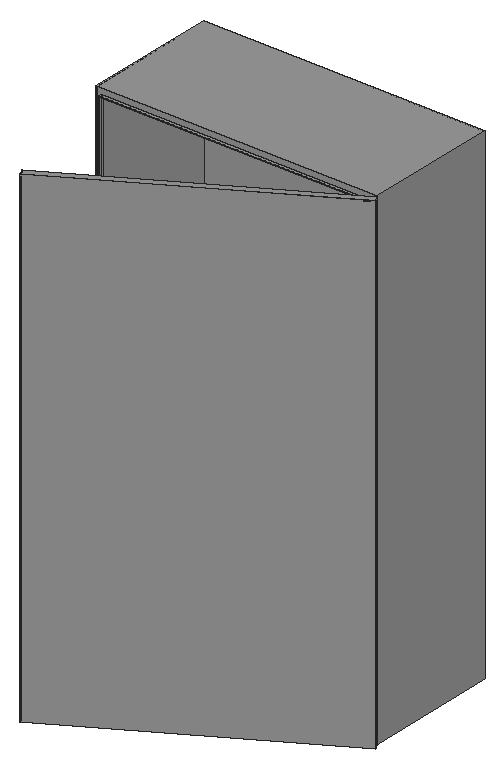
Revit family "Hager-Univers-IP55-D400-H1400-Cl.I-Steel_encl-NoHosted-PT-pt", category Electrical Equipment, Revit 2020
Family settings
  Panel Configuration = Two Columns, Circuits Across
  Round Connector Dimension = Use Diameter
  Part Type = Panelboard
  Work Plane-Based = Yes
  Always vertical = Yes
  Cut with Voids When Loaded = No
  Shared = No
  Room Calculation Point = No
Parameters (values of type "Montagem em superfície (gesso) IP55 L800 A1400 P400  - FR93G")
  Width Control [instance] = if([EF000008 - Largura] > Min Width, [EF000008 - Largura], Min Width)  # 800 mm
  Type Comments = [HG000003 - Gama]  # "Univers"
  Thickness Door [instance] = if([EF009171 - Espessura do material da porta/tampa] > 3 mm, 3 mm, [EF009171 - Espessura do material da porta/tampa])  # 1.5 mm
  Seal Frame Offset [instance] = 17 mm  # constant formula
  Plinth Visibility [instance] = [HG000027 - Altura da Plinta] > 0 mm  # no
  Min Width [instance] = 100 mm  # constant formula
  Min Depth [instance] = (2 * [EF009170 - Espessura do material do invólucro]) + 1 mm  # 4 mm
  Min Height [instance] = 100 mm  # constant formula
  Internal Frame Depth [instance] = (Door System Depth * 0.5)  # 9 mm
  Panel Name [instance] = ""  # (empty or 0)
  Model = ""
  HG000027 - Altura da Plinta = 0 mm
  HG000026 - Instalação no chão = no
  HG000024 - Altura da secção inferior = 600 mm
  HG000023 - Recinto de secção dupla = no
  HG000016 - Visibilidade da porta 3D [instance] = yes
  HG000015 - Visibilidade através da porta [instance] = no
  HG000014 - Porta à direita [instance] = yes
  HG000013 - Porta à esquerda [instance] = not([HG000014 - Porta à direita])  # no
  HG000012 - Ângulo de abertura de porta [instance] = 30.00°
  HG000010 - Portas assimétricas = no
  HG000009 - Porta dupla = no
  HG000006 - Encastrado = no
  HG000004 - Referência do Fabricante = "FR93G"
  HG000003 - Gama = "Univers"
  HG000002 - Com porta ou tampa = yes
  Frame Offset Bottom [instance] = 10 mm  # constant formula
  Frame Offset [instance] = 15 mm  # constant formula
  EF015940 - Tampa com libertação de sobrepressão = no
  EF011959 - Grau de proteção (NEMA) = ""
  EF009554 - Número de aberturas para placas de flange = 6
  EF009212 - Tipo de tampa = "EV000116 - Fechado"
  EF009171 - Espessura do material da porta/tampa = 1.5 mm
  EF009170 - Espessura do material do invólucro = 1.5 mm
  EF008873 - Corrente nominal (In) = 800 A
  EF007800 - Adequado para proteção contra raios = no
  EF006306 - Com fecho = no
  EF006244 - Tampa/porta transparente = no
  EF005474 - Grau de proteção (IP) = "EV006420 - IP55"
  EF004464 - Tipo de porta = "EV002646 - Único"
  EF004427 - Número de módulos = 324
  EF004293 - Força de impacto = "EV008784 - IK10"
  EF003532 - Adequado para uso no exterior = no
  EF002950 - Largura em número de módulos = 24
  EF001613 - Integridade do circuito = "EV000494 - Nenhum"
  EF001596 - Material do corpo = "EV000179 - Aço"
  EF001131 - Profundidade interior = 400 mm
  EF001088 - Extensão possível = yes
  EF000437 - Número de entradas de condutores = 6
  EF000339 - Tipo de difusor = "EV004216 - Porta"
  EF000266 - Número de linhas = 9
  EF000218 - Profundidade incorporada = 0 mm
  EF000118 - Com tampa de montagem = no
  EF000116 - Número RAL = "7035"
  EF000049 - Profundidade = 400 mm
  EF000040 - Altura = 1400 mm
  EF000008 - Largura = 800 mm
  EF000007 - Cor = "EV000270 - Cinzento"
  EF000003 - Método de montagem = "EV000384 - Montagem em superfície (gesso)"
  Door System Leaf Tolerance [instance] = 1.5 mm  # constant formula
  Door System Depth [instance] = 18 mm  # constant formula
  Door Height [instance] = Height Control - [HG000027 - Altura da Plinta]  # 1400 mm
  Description = ""
  Default Elevation = 1219.2 mm
  Connector Offset [instance] = Height Control / 2  # 700 mm
  Manufacturer = "Hager"  # constant formula
  Height Control [instance] = if([EF000040 - Altura] > Min Height, [EF000040 - Altura], Min Height)  # 1400 mm
  Depth Control [instance] = if([EF000049 - Profundidade] > Min Depth, [EF000049 - Profundidade], Min Depth)  # 400 mm
  Bottom Top Plate Trim [instance] = 1.5 mm  # constant formula
  Plinth height Ctrl [instance] = if([HG000027 - Altura da Plinta] > 0 mm, [HG000027 - Altura da Plinta], 12 mm)  # 12 mm
Types (3, lengths in mm): name | Width Control | HG000009 - Porta dupla | HG000004 - Referência do Fabricante | EF009554 - Número de aberturas para placas de flange | EF004464 - Tipo de porta | EF004427 - Número de módulos | EF000437 - Número de entradas de condutores | EF000008 - Largura
  Montagem em superfície (gesso) IP55 L1050 A1400 P400  - FR94G | 1050 | yes | "FR94G" | 8 | "EV003602 - Duplo" | 432 | 8 | 1050
  Montagem em superfície (gesso) IP55 L550 A1400 P400  - FR92G | 550 | no | "FR92G" | 4 | "EV002646 - Único" | 216 | 4 | 550
  Montagem em superfície (gesso) IP55 L800 A1400 P400  - FR93G | 800 | no | "FR93G" | 6 | "EV002646 - Único" | 324 | 6 | 800
Reference planes
  plane 1 "Center (Front/Back)": y = 0
  plane 2: z = 0
  plane 3 "Center (Left/Right)": x = 0
  plane 4: y = 0
  plane 5: y = 0
  plane 6: z = 0
  plane 7: x = -400
  plane 8: x = 400
  plane 9: x = 398.5
  plane 10: x = -398.5
  plane 11: z = 0
  plane 12: z = 1.5
  plane 13: y = -400
  plane 14: y = -1.5
  plane 15: x = 0
  plane 16: y = -382
  plane 17: y = -398.5
  plane 18: y = -380.5
  plane 19: x = -383.5
  plane 20: x = 383.5
  plane 21: z = 11.5
  plane 22: x = -383
  plane 23: x = 383
  plane 24: z = 0
  plane 25: z = 1400
  plane 26: z = 1400
  plane 27: z = 1383.5
  plane 28: z = 1398.5
Forms (mm)
  Extrusion 1, solid, material "Hager_Steel_RAL7035_Light_Grey", detail levels medium+fine
    sketch origin (-208.679, -4572, 0) x (-1, 0, 0) y (0, -1, 0)
      loop
        line (191.321, -4190) -> (-608.679, -4190) -> (-608.679, -4572) -> (191.321, -4572) -> (191.321, -4190)
    from 0 to 1400
  Extrusion 2, void
    sketch origin (-350.771, -400, 1219.2) x (1, 0, 0) y (0, 0, 1)
      loop
        line (-47.729, 179.3) -> (-47.729, -1217.7) -> (749.271, -1217.7) -> (749.271, 179.3) -> (-47.729, 179.3)
    from -19.5 to -398.5
  Extrusion 3, void
    sketch origin (-290.084, -382, 1219.2) x (1, 0, 0) y (0, 0, 1)
      loop
        line (-93.416, -1207.7) -> (673.584, -1207.7) -> (673.584, 164.3) -> (-93.416, 164.3) -> (-93.416, -1207.7)
    from 0 to -1.5
  Extrusion 4, solid, material "Hager_Steel_RAL7035_Light_Grey", visible <- "Plinth Visibility", detail levels medium+fine
    sketch origin (0, 0, 0) x (1, 0, 0) y (0, 1, 0)
      loop
        line (-400, 0) -> (-400, -382) -> (400, -382) -> (400, 0) -> (-400, 0)
    from 0 to 12 <- "Plinth height Ctrl"
  Extrusion 5, solid, material "Hager_Steel_RAL7035_Light_Grey", detail levels coarse
    sketch origin (0, 0, 0) x (1, 0, 0) y (0, 1, 0)
      loop
        line (-400, 0) -> (-400, -400) -> (400, -400) -> (400, 0) -> (-400, 0)
    from 0 to 1400 <- "Height Control"
  Sweep 6, void
    path in 3D
      loop
        line (-400, -382, 12) -> (400, -382, 12) -> (400, 0, 12) -> (-400, 0, 12) -> (-400, -382, 12)
    profile origin (-400, -191, 12) x (1, 0, 0) y (0, 0, 1)
      loop
        line (0, 0) -> (0, -1.5) -> (1.5, -1.5)
        arc (1.5, -1.5) -> (1.061, -0.439) -> (0, 0) r 1.5
  Extrusion 7, solid, material "Hager_Steel_RAL7035_Light_Grey", detail levels fine
    sketch origin (-400, -382, 0) x (1, 0, 0) y (0, 0, 1)
      loop
        line (16.5, 11.5) -> (783.5, 11.5) -> (783.5, 1383.5) -> (16.5, 1383.5) -> (16.5, 11.5)
      loop
        line (15, 10) -> (785, 10) -> (785, 1385) -> (15, 1385) -> (15, 10)
    from 0 to 9 <- "Internal Frame Depth"
Cuts and joins
  Extrusion 2, Extrusion 3 cuts Extrusion 1
  Sweep 6 cuts Extrusion 4
Lines and regions (mm)
  Masking region 1
    outline origin (0, 0, 0) x (1, 0, 0) y (0, 1, 0)
      loop
        line (-400, 0) -> (-400, -400) -> (400, -400) -> (400, 0) -> (-400, 0)
  Masking region 2, detail levels coarse
    outline origin (-290.084, -382, 1219.2) x (-1, 0, 0) y (0, 0, 1)
      loop
        line (-690.084, -1219.2) -> (109.916, -1219.2) -> (109.916, 180.8) -> (-690.084, 180.8) -> (-690.084, -1219.2)
  Masking region 3, detail levels coarse
    outline origin (0, 0, 0) x (0, 1, 0) y (0, 0, 1)
      loop
        line (0, 0) -> (0, 1400) -> (-400, 1400) -> (-400, 0) -> (0, 0)
  Masking region 4, visible <- "Plinth Visibility", detail levels medium+fine
    outline origin (0, 0, 0) x (0, 1, 0) y (0, 0, 1)
      loop
        line (-1.5, 12) -> (-380.5, 12)
        arc (-380.5, 12) -> (-380.939, 10.939) -> (-382, 10.5) r 1.5
        line (-382, 10.5) -> (-382, 0) -> (0, 0) -> (0, 10.5)
        arc (0, 10.5) -> (-1.061, 10.939) -> (-1.5, 12) r 1.5
  Masking region 5, detail levels medium+fine
    outline origin (0, 0, 594.038) x (0, 1, 0) y (0, 0, 1)
      loop
        line (0, -594.038) -> (0, 805.962) -> (-382, 805.962) -> (-382, -594.038) -> (0, -594.038)
  Masking region 6, detail levels medium+fine
    outline origin (-359.7, -382, 1211.883) x (-1, 0, 0) y (0, 0, 1)
      loop
        line (-759.7, -1211.883) -> (40.3, -1211.883) -> (40.3, 188.117) -> (-759.7, 188.117) -> (-759.7, -1211.883)
  Masking region 7, visible <- "Plinth Visibility", detail levels medium+fine
    outline origin (-320.334, -382, 1041.368) x (-1, 0, 0) y (0, 0, 1)
      loop
        line (-720.334, -1041.368) -> (79.666, -1041.368) -> (79.666, -1030.868)
        arc (79.666, -1030.868) -> (78.606, -1030.429) -> (78.166, -1029.368) r 1.5
        line (78.166, -1029.368) -> (-718.834, -1029.368)
        arc (-718.834, -1029.368) -> (-719.273, -1030.429) -> (-720.334, -1030.868) r 1.5
        line (-720.334, -1030.868) -> (-720.334, -1041.368)
  sketch lines
    curve 1: line (-400, 0, 12) -> (-400, -382, 12)
    curve 2: line (-400, -382, 12) -> (400, -382, 12)
    curve 3: line (400, 0, 12) -> (-400, 0, 12)
    curve 4: line (400, -382, 12) -> (400, 0, 12)
Dimensions and locks
  locked: plane 1 "Center (Front/Back)" to plane 5
  "EF009170 - Espessura do material do invólucro": plane 7 to plane 10
  "EF009170 - Espessura do material do invólucro": plane 8 to plane 9
  equal spacing: plane 7, plane 3 "Center (Left/Right)", plane 8
  "Width Control": plane 7 to plane 8
  "Depth Control": plane 4 to plane 13
  "EF009170 - Espessura do material do invólucro": plane 4 to plane 14
  "Height Control": plane 25 to level
  "HG000027 - Altura da Plinta": plane 11 to level
  "EF009170 - Espessura do material do invólucro": plane 12 to plane 11
  "EF009170 - Espessura do material do invólucro": plane 17 to plane 13
  "EF009170 - Espessura do material do invólucro": plane 18 to plane 16
  "Frame Offset Bottom": plane 21 to plane 12
  "Frame Offset": plane 10 to plane 19
  "Frame Offset": plane 9 to plane 20
  "Door System Depth": plane 16 to plane 13
  "Seal Frame Offset": plane 7 to plane 22
  "Seal Frame Offset": plane 8 to plane 23
  "EF009170 - Espessura do material do invólucro": plane 26 to plane 28
  "Frame Offset": plane 28 to plane 27
  "Connector Offset": plane 2 to connector elem
  "Bottom Top Plate Trim": profile plane to Sweep 6 sketch curve
  "Bottom Top Plate Trim": Sweep 6 sketch curve to Sweep 6 sketch curve
  "Plinth height Ctrl": Masking region 4 sketch curve to level
  "Plinth height Ctrl": Masking region 7 sketch curve to level
  "Thickness Door": Extrusion 7 sketch curve to Extrusion 7 sketch curve  (x4)
  "Bottom Top Plate Trim": radius of Sweep 6 sketch curve
  "Bottom Top Plate Trim": radius of Masking region 4 sketch curve  (x2)
  "Bottom Top Plate Trim": radius of Masking region 7 sketch curve  (x2)
  aligned and locked: Extrusion 2 sketch curve to plane 12
  aligned and locked: Extrusion 2 sketch curve to plane 9
  aligned and locked: Extrusion 2 sketch curve to plane 10
  aligned and locked: Extrusion 2 to plane 14
  aligned and locked: Extrusion 1 sketch curve to plane 4
  aligned and locked: plane 8 to Extrusion 1 sketch curve
  aligned and locked: plane 7 to Extrusion 1 sketch curve
  aligned and locked: Extrusion 2 to plane 18
  aligned and locked: Extrusion 3 sketch curve to plane 19
  aligned and locked: plane 20 to Extrusion 3 sketch curve
  aligned and locked: Extrusion 3 to Extrusion 2
  aligned and locked: Extrusion 3 sketch curve to plane 21
  aligned and locked: plane 3 "Center (Left/Right)" to nested 1
  aligned and locked: Extrusion 1 sketch curve to plane 16
  aligned and locked: Extrusion 4 sketch curve to cut or joined group of Extrusion 1, Extrusion 2, Extrusion 3
  aligned and locked: Masking region 1 sketch curve to plane 7
  aligned and locked: Masking region 1 sketch curve to plane 5
  aligned and locked: Masking region 1 sketch curve to plane 8
  aligned and locked: Masking region 2 sketch curve to level
  aligned and locked: level to Masking region 3 sketch curve
  aligned and locked: plane 1 "Center (Front/Back)" to Masking region 3 sketch curve
  aligned and locked: plane 13 to Masking region 3 sketch curve
  aligned and locked: plane 5 to Masking region 4 sketch curve
  aligned and locked: Masking region 2 sketch curve to plane 8
  aligned and locked: Masking region 2 sketch curve to plane 7
  aligned and locked: plane 7 to nested 2
  aligned and locked: nested 2 to plane 5
  aligned and locked: plane 5 to Masking region 5 sketch curve
  aligned and locked: plane 26 to Masking region 5 sketch curve
  aligned and locked: Extrusion 5 sketch curve to plane 8
  aligned and locked: Extrusion 5 sketch curve to plane 7
  aligned and locked: Extrusion 5 sketch curve to plane 5
  aligned and locked: Extrusion 3 sketch curve to plane 27
  aligned and locked: Extrusion 2 sketch curve to plane 28
  aligned and locked: Masking region 2 to plane 25
  aligned and locked: Extrusion 4 to plane 16
  aligned and locked: profile plane to Sweep 6 sketch curve
  aligned and locked: Masking region 5 sketch curve to plane 24
  aligned and locked: level to Masking region 4 sketch curve
  aligned and locked: Masking region 1 to plane 13
  aligned and locked: nested 1 to plane 16
  aligned and locked: Masking region 3 to plane 25
  aligned and locked: plane 16 to Masking region 4 sketch curve
  aligned and locked: Masking region 5 sketch curve to plane 16
  aligned and locked: plane 24 to plane 11
  aligned and locked: plane 26 to plane 25
  aligned and locked: plane 26 to cut or joined group of Extrusion 1, Extrusion 2, Extrusion 3
  aligned and locked: nested 1 to plane 24
  aligned and locked: Extrusion 1 to Extrusion 3
  aligned and locked: Masking region 6 sketch curve to plane 8
  aligned and locked: Masking region 6 sketch curve to plane 24
  aligned and locked: Masking region 6 sketch curve to plane 7
  aligned and locked: Masking region 6 sketch curve to plane 26
  aligned and locked: Masking region 7 sketch curve to plane 7
  aligned and locked: level to Masking region 7 sketch curve
  aligned and locked: Masking region 7 sketch curve to plane 8
  aligned and locked: Extrusion 7 sketch curve to cut or joined group of Extrusion 1, Extrusion 2, Extrusion 3  (x4)
Automatic sketch dimensions
  plane 19 to Extrusion 3 sketch curve = 0 mm
  Extrusion 3 sketch curve to plane 20 = 0 mm
  Extrusion 3 sketch curve to plane 21 = 0 mm
  Extrusion 4 sketch curve to plane 7 = 0 mm
  Extrusion 4 sketch curve to plane 8 = 0 mm
  Extrusion 4 sketch curve to plane 16 = 0 mm
  Masking region 1 sketch curve to plane 13 = 0 mm
  Masking region 2 sketch curve to plane 25 = 0 mm
  Masking region 3 sketch curve to plane 25 = 0 mm
  Extrusion 5 sketch curve to plane 13 = 0 mm
  profile plane to Sweep 6 sketch curve = 0 mm
Nested families
  nested 1: "EC000058_Univers_Door" at (0, -382, 0), Double <- "HG000009 - Porta dupla", Transparent <- "EF006244 - Tampa/porta transparente", Angle <- "HG000012 - Ângulo de abertura de porta", Door_Right <- "HG000014 - Porta à direita", Assymetrical <- "HG000010 - Portas assimétricas", Door <- "HG000002 - Com porta ou tampa", Width_Ctrl <- "Width Control", 3d_Door <- "HG000016 - Visibilidade da porta 3D", Clearance <- "HG000015 - Visibilidade através da porta", Door_Left <- "HG000013 - Porta à esquerda", Width <- "Width Control", Door_Depth <- "Door System Depth", Leaf_Tolerance <- "Door System Leaf Tolerance", Height <- "Door Height", Lock_Visibility <- "EF006306 - Com fecho", Thickness <- "Thickness Door", type "EC000058_Univers_Door", detail levels medium+fine
    with min_wh 4 mm, Width_Ctrl 800 mm, Width 800 mm, Transparent no, Thickness 1.5 mm, Seal_Material Hager_Rubber, Lock_Visibility no, Lock_Material Hager_Plastic_RAL9005_Jet_Black, Leaf_Width 800 mm, Leaf_Tolerance_External_Sides 0 mm, Leaf_Tolerance 1.5 mm, Leaf_Offset 0 mm, Leaf_Height 1397 mm, Leaf_2_Width 800 mm, Leaf_2_Offset 400 mm, Leaf_1_Width 800 mm, Leaf_1_Offset 400 mm, Height_Ctrl 1400 mm, Height 1400 mm, Glass_Material Hager_Glass, Double_Clearance_Ctrl no, Double no, Door_Right_Ctrl yes, Door_Right yes, Door_Material Hager_Steel_RAL7035_Light_Grey, Door_Left_Ctrl no, Door_Left no, Door_Depth 18 mm, Door yes, Clearance_Material Hager_Clearance, Clearance_Depth 800 mm, Clearance_Ctrl no, Clearance no, Assymetrical no, Angle 30.00°, 3d_Door yes
  nested 2: "Hager_Enclosure_Symbol" at (-400, 0, 0), Height <- "Depth Control", Width <- "Width Control", type "Hager_Enclosure_Symbol"
    with Width_Ctrl 800 mm, Width 800 mm, Height_Ctrl 400 mm, Height 400 mm, A_Width_Int 26.25 mm, A_Width 315 mm, A_Height_Ctrl 350 mm, A_Height 350 mm
Connectors
  electrical at (0, 0, 700)
    settings: on plane 1 "Center (Front/Back)", index 1, voltage 0 V, apparent load 0 VA, apparent load phase1 0 VA, apparent load phase2 0 VA, apparent load phase3 0 VA, power factor 1, load classification "Other", number of poles 1, system type 30, power factor state 1, is connector primary yes, connector utility no, sub classification motor no, connector description ""
Definition of nested family "EC000058_Univers_Door"
  Parameters (values of type "EC000058_Univers_Door")
    min_wh [instance] = (2 * Thickness) + 1 mm  # 11 mm
    Width_Ctrl [instance] = 400 mm
    Width [instance] = 500 mm
    Transparent [instance] = yes
    Thickness [instance] = 5 mm
    Seal_Material [instance] = none
    Lock_Visibility [instance] = yes
    Lock_Material [instance] = none
    Leaf_Width [instance] = if((Width_Ctrl - 2 * Leaf_Tolerance_External_Sides) > 0 mm, (Width_Ctrl - 2 * Leaf_Tolerance_External_Sides), min_wh)  # 400 mm
    Leaf_Tolerance_External_Sides [instance] = 0 mm  # constant formula
    Leaf_Tolerance [instance] = 1.5 mm
    Leaf_Offset [instance] = 0 mm  # constant formula
    Leaf_Height [instance] = if((Height_Ctrl - 2 * Leaf_Tolerance) > 0 mm, (Height_Ctrl - 2 * Leaf_Tolerance), min_wh)  # 497 mm
    Leaf_2_Width [instance] = if(and(and(Double, Assymetrical), Door_Left), (Leaf_Width / 3) - (Leaf_Tolerance / 2), if(and(and(Double, Assymetrical), Door_Right), (Leaf_Width / 3) * 2 - (Leaf_Tolerance / 2), if(and(Double, not(Assymetrical)), (Leaf_Width / 2) - Leaf_Tolerance, Leaf_Width)))  # 400 mm
    Leaf_2_Offset [instance] = if(and(Double, Assymetrical), Leaf_2_Width / 2, if(and(Double, not(Assymetrical)), Leaf_Width / 4, Leaf_Width / 2))  # 200 mm
    Leaf_1_Width [instance] = if(and(and(Double, Assymetrical), Door_Right), (Leaf_Width / 3) - (Leaf_Tolerance / 2), if(and(and(Double, Assymetrical), Door_Left), (Width / 3) * 2 - (Leaf_Tolerance / 2), if(and(Double, not(Assymetrical)), (Leaf_Width / 2) - Leaf_Tolerance, Leaf_Width)))  # 400 mm
    Leaf_1_Offset [instance] = if(and(Double, Assymetrical), Leaf_1_Width / 2, if(and(Double, not(Assymetrical)), Leaf_Width / 4, Leaf_Width / 2))  # 200 mm
    Height_Ctrl [instance] = if(Height > min_wh, Height, min_wh)  # 500 mm
    Height [instance] = 500 mm
    Glass_Material [instance] = none
    Double_Clearance_Ctrl [instance] = and(Double, Clearance)  # no
    Double [instance] = no
    Door_Right_Ctrl [instance] = and(or(Door_Right, Double), Door)  # yes
    Door_Right [instance] = yes
    Door_Material [instance] = none
    Door_Left_Ctrl [instance] = and(or(Door_Left, Double), Door)  # no
    Door_Left [instance] = no
    Door_Depth [instance] = 30 mm
    Door [instance] = yes
    Default Elevation = 1219.2 mm
    Clearance_Material [instance] = none
    Clearance_Depth [instance] = if(Leaf_1_Width > Leaf_2_Width, Leaf_1_Width, Leaf_2_Width)  # 400 mm
    Clearance_Ctrl [instance] = and(not(Double), Clearance)  # yes
    Clearance [instance] = yes
    Assymetrical [instance] = yes
    Angle [instance] = 30.00°
    3d_Door [instance] = yes
  Reference planes
    plane 1 "Center (Front/Back)": y = 0
    plane 2 "Bottom": z = 0
    plane 3 "Center (Left/Right)": x = 0
    plane 4: z = 500
    plane 5: x = -200
    plane 6: x = 200
    plane 7: z = 500
    plane 8: x = -200
    plane 9: z = 0
    plane 10: x = 200
    plane 11: y = 0
    plane 12: z = 1.5
    plane 13: x = -600
    plane 14: y = -400
    plane 15: x = 600
    plane 16: x = 0
    plane 17: x = 0
    plane 18: x = -200
    plane 19: x = 200
    plane 20: z = 498.5
  Forms (mm)
    Extrusion 1, solid, material <- "Clearance_Material", visible <- "Double_Clearance_Ctrl"
      sketch origin (1200, 0, 0) x (1, 0, 0) y (0, 0, -1)
        loop
          line (-1800, -498.5) -> (-600, -498.5) -> (-600, 0) -> (-1800, 0) -> (-1800, -498.5)
      from 0 to -400
  Dimensions and locks
    equal spacing: plane 5, plane 3 "Center (Left/Right)", plane 6
    "Width_Ctrl": plane 5 to plane 6
    "Leaf_Offset": plane 5 to plane 8
    "Leaf_Offset": plane 6 to plane 10
    "Leaf_Offset": plane 9 to level
    "Leaf_Offset": plane 4 to plane 7
    "Height_Ctrl": plane 4 to level
    "Leaf_Tolerance": plane 12 to plane 9
    locked: plane 11 to plane 1 "Center (Front/Back)"
    "Leaf_1_Offset": plane 18 to plane 16
    "Leaf_2_Offset": plane 17 to plane 19
    "Leaf_1_Width": plane 13 to plane 8
    "Leaf_2_Width": plane 10 to plane 15
    "Clearance_Depth": plane 14 to plane 1 "Center (Front/Back)"
    "Leaf_Tolerance_External_Sides": plane 8 to plane 18
    "Leaf_Tolerance_External_Sides": plane 19 to plane 10
    "Leaf_Tolerance": plane 7 to plane 20
    aligned and locked: level to plane 2 "Bottom"
    aligned and locked: nested 1 to plane 16
    aligned and locked: nested 2 to plane 17
    aligned and locked: Extrusion 1 to plane 13
    aligned and locked: plane 15 to Extrusion 1
    aligned and locked: Extrusion 1 to plane 14
    aligned and locked: plane 12 to nested 1
    aligned and locked: nested 2 to plane 12
    aligned and locked: Extrusion 1 to plane 11
    aligned and locked: plane 20 to Extrusion 1
    aligned and locked: nested 2 to plane 11
    aligned and locked: nested 1 to plane 11
  Automatic sketch dimensions
    Extrusion 1 sketch curve to level = 0 mm
    plane 5 to Extrusion 1 sketch curve = 400 mm
    plane 6 to Extrusion 1 sketch curve = 400 mm
    Extrusion 1 sketch curve to plane 4 = 1.5 mm
  Nested families
    nested 1: "EC000058_Univers_Door_Leaf" at (0, 0, 1.5), Width <- "Leaf_1_Width", visible <- "Door_Left_Ctrl", Leaf_Height <- "Leaf_Height", Angle <- "Angle", 3d_Door <- "3d_Door", Transparent <- "Transparent", Clearance Material <- "Clearance_Material", Clearance <- "Clearance_Ctrl", Door_Material <- "Door_Material", Glass_Material <- "Glass_Material", Door_Depth <- "Door_Depth", Lock_Material <- "Lock_Material", Seal_Material <- "Seal_Material", Lock_Visibility <- "Lock_Visibility", Thickness <- "Thickness", type "EC000058_Univers_Door_Leaf"
      with Width 400 mm, Transparent_Glass_Offset 30 mm, Transparent_Ctrl yes, Transparent yes, Thickness 5 mm, Standard no, Seal_Material none, Seal_D2 8 mm, Seal_D1 1 mm, Offset_Internal_Frame 10 mm, Lock_Width 20 mm, Lock_Visibility_3d yes, Lock_Visibility yes, Lock_Thickness_3 3 mm, Lock_Thickness_2 1 mm, Lock_Thickness_1 3 mm, Lock_Radius_Offset_2 16 mm, Lock_Radius_Offset_1 15 mm, Lock_Radius_2 5 mm, Lock_Radius 6 mm, Lock_Offset 5 mm, Lock_Material none, Lock_Height 80 mm, Lock_Cover_Top_Offset_2d 17 mm, Lock_Cover_Height -65 mm, Leaf_Height 497 mm, Internal_Seal_Thickness 8 mm, Internal_Seal_Depth_2 4.5 mm, Internal_Frame_Depth 25 mm, Glass_Thickness -1 mm, Glass_Offset -2 mm, Glass_Material none, Door_Material none, Door_Depth 30 mm, Clearance Material none, Clearance yes, Angle_Ctrl 30.00°, Angle 30.00°, 3d_Door yes
    nested 2: "EC000058_Univers_Door_Leaf" at (0, 0, 1.5) x (-1, 0, 0) z (0, 0, 1), Width <- "Leaf_2_Width", visible <- "Door_Right_Ctrl", Leaf_Height <- "Leaf_Height", Angle <- "Angle", 3d_Door <- "3d_Door", Transparent <- "Transparent", Clearance Material <- "Clearance_Material", Clearance <- "Clearance_Ctrl", Door_Material <- "Door_Material", Glass_Material <- "Glass_Material", Door_Depth <- "Door_Depth", Lock_Material <- "Lock_Material", Seal_Material <- "Seal_Material", Lock_Visibility <- "Lock_Visibility", Thickness <- "Thickness", type "EC000058_Univers_Door_Leaf"
      with Width 400 mm, Transparent_Glass_Offset 30 mm, Transparent_Ctrl yes, Transparent yes, Thickness 5 mm, Standard no, Seal_Material none, Seal_D2 8 mm, Seal_D1 1 mm, Offset_Internal_Frame 10 mm, Lock_Width 20 mm, Lock_Visibility_3d yes, Lock_Visibility yes, Lock_Thickness_3 3 mm, Lock_Thickness_2 1 mm, Lock_Thickness_1 3 mm, Lock_Radius_Offset_2 16 mm, Lock_Radius_Offset_1 15 mm, Lock_Radius_2 5 mm, Lock_Radius 6 mm, Lock_Offset 5 mm, Lock_Material none, Lock_Height 80 mm, Lock_Cover_Top_Offset_2d 17 mm, Lock_Cover_Height -65 mm, Leaf_Height 497 mm, Internal_Seal_Thickness 8 mm, Internal_Seal_Depth_2 4.5 mm, Internal_Frame_Depth 25 mm, Glass_Thickness -1 mm, Glass_Offset -2 mm, Glass_Material none, Door_Material none, Door_Depth 30 mm, Clearance Material none, Clearance yes, Angle_Ctrl 30.00°, Angle 30.00°, 3d_Door yes
  Definition of nested family "EC000058_Univers_Door_Leaf"
    Parameters (values of type "EC000058_Univers_Door_Leaf")
      Width [instance] = 2000 mm
      Transparent_Glass_Offset [instance] = 30 mm
      Transparent_Ctrl [instance] = and(Transparent, [3d_Door])  # yes
      Transparent [instance] = yes
      Thickness [instance] = 5 mm
      Standard [instance] = and(not(Transparent), [3d_Door])  # no
      Seal_Material [instance] = none
      Seal_D2 [instance] = 8 mm  # constant formula
      Seal_D1 [instance] = 1 mm  # constant formula
      Offset_Internal_Frame [instance] = 10 mm  # constant formula
      Lock_Width [instance] = 20 mm  # constant formula
      Lock_Visibility_3d [instance] = and(Lock_Visibility, [3d_Door])  # yes
      Lock_Visibility [instance] = yes
      Lock_Thickness_3 [instance] = 3 mm  # constant formula
      Lock_Thickness_2 [instance] = 1 mm  # constant formula
      Lock_Thickness_1 [instance] = 3 mm  # constant formula
      Lock_Radius_Offset_2 [instance] = Lock_Radius_Offset_1 + 1 mm  # 16 mm
      Lock_Radius_Offset_1 [instance] = 15 mm  # constant formula
      Lock_Radius_2 [instance] = Lock_Radius - 1 mm  # 5 mm
      Lock_Radius [instance] = 6 mm  # constant formula
      Lock_Offset [instance] = 5 mm  # constant formula
      Lock_Material [instance] = none
      Lock_Height [instance] = 80 mm  # constant formula
      Lock_Cover_Top_Offset_2d [instance] = Lock_Radius_Offset_2 + 1 mm  # 17 mm
      Lock_Cover_Height [instance] = -(Lock_Height - Lock_Radius_Offset_1)  # -65 mm
      Leaf_Height [instance] = 2720.336 mm
      Internal_Seal_Thickness [instance] = 8 mm  # constant formula
      Internal_Seal_Depth_2 [instance] = 4.5 mm  # constant formula
      Internal_Frame_Depth [instance] = if(Door_Depth - Thickness > 5 mm, Door_Depth - Thickness, 5 mm)  # 25 mm
      Glass_Thickness [instance] = if(Thickness > 15 mm, Glass_Offset + 10 mm, -1 mm)  # -1 mm
      Glass_Offset [instance] = if(Thickness > 15 mm, -(Thickness + 10 mm) / 2, -2 mm)  # -2 mm
      Glass_Material [instance] = none
      Door_Material [instance] = none
      Door_Depth [instance] = 30 mm
      Default Elevation = 0 mm
      Clearance Material [instance] = none
      Clearance [instance] = yes
      Angle_Ctrl [instance] = if(Angle > 180.00°, 180.00°, Angle)  # 90.00°
      Angle [instance] = 90.00°
      3d_Door [instance] = yes
    Reference planes
      plane 1 "Center (Front/Back)": y = 0
      plane 2: z = 0
      plane 3 "Center (Left/Right)": x = 0
      plane 4: y = 2000
      plane 5: x = -1000
      plane 6: x = 1000
      plane 7: x = -3000
      plane 8: z = 2720.336
      plane 9: z = 30
      plane 10: z = 2690.336
      plane 11: x = 970
      plane 12: x = -970
      plane 13: y = -3
      plane 14: z = 107.833
      plane 15: y = -5
      plane 16: y = -223.314
      plane 17: x = -1000
      plane 18: z = 1360.168
      plane 19: y = 30
    Forms (mm)
      Extrusion 1, solid, material <- "Clearance Material", visible <- "Clearance"
        sketch origin (0, 0, 0) x (1, 0, 0) y (0, 0, 1)
          loop
            line (-3000, 2720.336) -> (-3000, 0) -> (1000, 0) -> (1000, 2720.336) -> (-3000, 2720.336)
        from 0 to -2000
      Extrusion 2, solid, material <- "Door_Material", visible <- "Standard", detail levels medium+fine
        sketch origin (-1000, 0, 0) x (0, 1, 0) y (-1, 0, 0)
          loop
            line (0, 30) -> (0, 25) -> (2000, 25) -> (2000, 30) -> (0, 30)
        from 0 to 2720.336 <- "Leaf_Height"
      Extrusion 3, solid, material <- "Door_Material", visible <- "Transparent_Ctrl", detail levels medium+fine
        sketch origin (-1000, 0, 0) x (0, 1, 0) y (-1, 0, 0)
          loop
            line (0, 25) -> (2000, 25) -> (2000, 30) -> (0, 30) -> (0, 25)
        from 0 to 2720.336 <- "Leaf_Height"
      Extrusion 4, void
        sketch origin (-1025, 2000, 0) x (0, 1, 0) y (0, 0, -1)
          loop
            line (-30, -2690.336) -> (-30, -30) -> (-1970, -30) -> (-1970, -2690.336) -> (-30, -2690.336)
        from 0 to 5 <- "Thickness"
      Sweep 5, solid, material <- "Seal_Material", visible <- "Transparent_Ctrl", detail levels fine
        path in 3D
          loop
            line (-1025, 30, 30) -> (-1025, 30, 2690.336) -> (-1025, 1970, 2690.336) -> (-1025, 1970, 30) -> (-1025, 30, 30)
        profile origin (-1025, 1000, 30) x (1, 0, 0) y (0, 0, 1)
          loop
            line (0, 0) -> (0, -8) -> (1, -8) -> (1, 0) -> (0, 0)
      Extrusion 6, solid, material <- "Glass_Material", visible <- "Transparent_Ctrl", detail levels medium+fine
        sketch origin (-1030, 0, 0) x (0, 1, 0) y (0, 0, -1)
          loop
            line (1970, -2690.336) -> (1970, -30) -> (30, -30) -> (30, -2690.336) -> (1970, -2690.336)
        from -2 <- "Glass_Offset" to -1 <- "Glass_Thickness"
      Extrusion 7, solid, material <- "Door_Material", visible <- "3d_Door", detail levels medium+fine
        sketch origin (-1025, 2000, 0) x (0, -1, 0) y (0, 0, -1)
          loop
            line (0, -2720.336) -> (2000, -2720.336) -> (2000, 0) -> (0, 0) -> (0, -2720.336)
          loop
            line (1995, -5) -> (5, -5) -> (5, -2715.336) -> (1995, -2715.336) -> (1995, -5)
        from 0 to 25 <- "Internal_Frame_Depth"
      Sweep 8, solid, material <- "Seal_Material", visible <- "Transparent_Ctrl", detail levels fine
        path in 3D
          loop
            line (-1025, 0, 0) -> (-1025, 2000, 0) -> (-1025, 2000, 2720.336) -> (-1025, 0, 2720.336) -> (-1025, 0, 0)
        profile origin (-1025, 0, 1360.168) x (1, 0, 0) y (0, 1, 0)
          loop
            line (0, 10) -> (2.975, 10)
            arc (2.975, 10) -> (4.053, 10.447) -> (4.5, 11.525) r 1.525
            line (4.5, 11.525) -> (4.5, 16.527)
            arc (4.5, 16.527) -> (4.069, 17.569) -> (3.027, 18) r 1.473
            line (3.027, 18) -> (0, 18) -> (0, 10)
      Extrusion 9, solid, material <- "Lock_Material", visible <- "Lock_Visibility_3d", detail levels fine
        sketch origin (-1030, 0, 0) x (0, 1, 0) y (0, 0, -1)
          loop
            arc (1993.5, -1400.168) -> (1994.561, -1399.729) -> (1995, -1398.668) r 1.5
            line (1995, -1398.668) -> (1995, -1320.168) -> (1975, -1320.168) -> (1975, -1398.668)
            arc (1975, -1398.668) -> (1975.439, -1399.729) -> (1976.5, -1400.168) r 1.5
            line (1976.5, -1400.168) -> (1993.5, -1400.168)
        from 3 <- "Lock_Thickness_1" to 0
      Blend 10, solid, material <- "Lock_Material", visible <- "Lock_Visibility_3d", detail levels fine
        base sketch origin (-1033, 0, 0) x (0, 1, 0) y (0, 0, -1)
          loop
            line (1975, -1320.168) -> (1975, -1398.668)
            arc (1975, -1398.668) -> (1975.439, -1399.729) -> (1976.5, -1400.168) r 1.5
            line (1976.5, -1400.168) -> (1993.5, -1400.168)
            arc (1993.5, -1400.168) -> (1994.561, -1399.729) -> (1995, -1398.668) r 1.5
            line (1995, -1398.668) -> (1995, -1320.168) -> (1975, -1320.168)
        top sketch origin (-1033, 0, 0) x (0, 1, 0) y (0, 0, -1)
          loop
            line (1976, -1320.168) -> (1976, -1398.668)
            arc (1976, -1398.668) -> (1976.146, -1399.022) -> (1976.5, -1399.168) r 0.5
            line (1976.5, -1399.168) -> (1993.5, -1399.168)
            arc (1993.5, -1399.168) -> (1993.854, -1399.022) -> (1994, -1398.668) r 0.5
            line (1994, -1398.668) -> (1994, -1320.168) -> (1976, -1320.168)
        from 0 to 1 <- "Lock_Thickness_2"
      Blend 11, solid, material <- "Lock_Material", visible <- "Lock_Visibility_3d", detail levels fine
        base sketch origin (-1034, 0, 0) x (0, 1, 0) y (0, 0, -1)
          loop
            line (1978, -1320.168) -> (1978, -1384.168)
            arc (1978, -1384.168) -> (1985, -1391.168) -> (1992, -1384.168) r 7
            line (1992, -1384.168) -> (1992, -1320.168) -> (1978, -1320.168)
        top sketch origin (-1034, 0, 0) x (0, 1, 0) y (0, 0, -1)
          loop
            line (1991, -1320.168) -> (1979, -1320.168) -> (1979, -1383.168)
            arc (1979, -1383.168) -> (1985, -1389.168) -> (1991, -1383.168) r 6
            line (1991, -1383.168) -> (1991, -1320.168)
        from 0 to 3 <- "Lock_Thickness_3"
      Extrusion 12, solid, material <- "Lock_Material", visible <- "Lock_Visibility_3d", detail levels fine
        sketch origin (-1030, 1975, 1320.168) x (1, 0, 0) y (0, -1, 0)
          loop
            line (-7, -19) -> (-7, -1) -> (0, -1) -> (0, 0) -> (-8, 0) -> (-8, -20) -> (0, -20) -> (0, -19) -> (-7, -19)
        from 0 to -65 <- "Lock_Cover_Height"
      Extrusion 13, void
        sketch origin (-1038, 1995, 1320.168) x (-1, 0, 0) y (0, 0, -1)
          loop
            line (-5, -65) -> (0, -65) -> (-5, -60) -> (-5, -65)
        from 0 to 20 <- "Lock_Width"
      Extrusion 14, void
        sketch origin (-1038, 1975, 1320.168) x (0, -1, 0) y (0, 0, -1)
          loop
            circle (-10, -15.995) r 6
          loop
            circle (-10, -15.995) r 5
        from 0 to 2
      Extrusion 15, solid, material <- "Lock_Material", visible <- "Lock_Visibility_3d", detail levels medium
        sketch origin (-1030, 0, 0) x (0, 1, 0) y (0, 0, -1)
          loop
            arc (1993.5, -1400.168) -> (1994.561, -1399.729) -> (1995, -1398.668) r 1.5
            line (1995, -1398.668) -> (1995, -1320.168) -> (1975, -1320.168) -> (1975, -1398.668)
            arc (1975, -1398.668) -> (1975.439, -1399.729) -> (1976.5, -1400.168) r 1.5
            line (1976.5, -1400.168) -> (1993.5, -1400.168)
        from 8 to 0
    Cuts and joins
      Extrusion 4 cuts Extrusion 3
      Extrusion 13, Extrusion 14 cuts Extrusion 9
      Extrusion 14 cuts Blend 11
      Extrusion 13, Extrusion 14 cuts Extrusion 12
      joined: Extrusion 9, Blend 10, Blend 11, Extrusion 12
      Extrusion 14 cuts Extrusion 15
    Lines and regions (mm)
      Masking region 1, visible <- "Lock_Visibility", detail levels fine
        outline origin (0, 0, 0) x (0, 1, 0) y (0, 0, 1)
          loop
            line (30, 1320.168) -> (33, 1320.168) -> (33, 1400.168) -> (30, 1400.168) -> (30, 1320.168)
      Masking region 2, visible <- "Lock_Visibility", detail levels fine
        outline origin (0, 3.143, 0) x (0, 1, 0) y (0, 0, 1)
          loop
            line (29.857, 1354.168) -> (30.857, 1354.168) -> (30.857, 1366.168) -> (29.857, 1366.168) -> (29.857, 1354.168)
      Masking region 3, detail levels medium+fine
        outline origin (0, 0, 0) x (0, 1, 0) y (0, 0, 1)
          loop
            line (0, 0) -> (30, 0) -> (30, 2720.336) -> (0, 2720.336) -> (0, 0)
      Masking region 4, detail levels medium+fine
        outline origin (0, 0, 0) x (1, 0, 0) y (0, 0, 1)
          loop
            line (-1000, 2720.336) -> (-1000, 0) -> (1000, 0) -> (1000, 2720.336) -> (-1000, 2720.336)
      Masking region 5, visible <- "Lock_Visibility", detail levels fine
        outline origin (-47.116, 0, 0) x (1, 0, 0) y (0, 0, 1)
          loop
            arc (1024.616, 1399.168) -> (1023.556, 1398.729) -> (1023.116, 1397.668) r 1.5
            line (1023.116, 1397.668) -> (1023.116, 1320.168) -> (1041.116, 1320.168) -> (1041.116, 1397.668)
            arc (1041.116, 1397.668) -> (1040.677, 1398.729) -> (1039.616, 1399.168) r 1.5
            line (1039.616, 1399.168) -> (1024.616, 1399.168)
      Masking region 6, visible <- "Lock_Visibility", detail levels medium+fine
        outline origin (-25, 0, 0) x (1, 0, 0) y (0, 0, 1)
          loop
            arc (1001.5, 1400.168) -> (1000.439, 1399.729) -> (1000, 1398.668) r 1.5
            line (1000, 1398.668) -> (1000, 1320.168) -> (1020, 1320.168) -> (1020, 1398.668)
            arc (1020, 1398.668) -> (1019.561, 1399.729) -> (1018.5, 1400.168) r 1.5
            line (1018.5, 1400.168) -> (1001.5, 1400.168)
      Masking region 7, visible <- "Lock_Visibility", detail levels fine
        outline origin (-73.735, 0, 0) x (1, 0, 0) y (0, 0, 1)
          loop
            line (1051.735, 1382.168) -> (1065.735, 1382.168) -> (1065.735, 1384.168)
            arc (1065.735, 1384.168) -> (1058.735, 1391.168) -> (1051.735, 1384.168) r 7
            line (1051.735, 1384.168) -> (1051.735, 1382.168)
      Masking region 8, visible <- "Lock_Visibility", detail levels fine
        outline origin (-73.735, 0, 0) x (1, 0, 0) y (0, 0, 1)
          loop
            line (1052.735, 1382.168) -> (1064.735, 1382.168) -> (1064.735, 1383.168)
            arc (1064.735, 1383.168) -> (1058.735, 1389.168) -> (1052.735, 1383.168) r 6
            line (1052.735, 1383.168) -> (1052.735, 1382.168)
      Masking region 9, visible <- "Lock_Visibility", detail levels fine
        outline origin (-25, 0, 0) x (1, 0, 0) y (0, 0, 1)
          loop
            line (1020, 1320.168) -> (1020, 1382.168) -> (1000, 1382.168) -> (1000, 1320.168) -> (1020, 1320.168)
      Masking region 10, detail levels medium+fine
        outline origin (0, 0, 0) x (1, 0, 0) y (0, 0, 1)
          loop
            circle (985, 1335.144) r 6
      Masking region 11, detail levels fine
        outline origin (0, 0, 0) x (1, 0, 0) y (0, 0, 1)
          loop
            circle (985, 1335.144) r 5
      Masking region 12, visible <- "Lock_Visibility", detail levels fine
        outline origin (0, 12.767, 0) x (0, 1, 0) y (0, 0, 1)
          loop
            line (20.233, 1320.168) -> (21.233, 1320.168) -> (21.233, 1399.168) -> (20.233, 1400.168) -> (20.233, 1320.168)
      Masking region 13, visible <- "Lock_Visibility", detail levels fine
        outline origin (0, 13.767, -10) x (0, 1, 0) y (0, 0, 1)
          loop
            line (20.233, 1330.168) -> (23.233, 1330.168) -> (23.233, 1399.168) -> (20.233, 1402.168) -> (20.233, 1330.168)
      Masking region 14, visible <- "Lock_Visibility", detail levels fine
        outline origin (0, 12.767, -10) x (0, 1, 0) y (0, 0, 1)
          loop
            line (20.233, 1330.168) -> (25.233, 1330.168) -> (25.233, 1399.305) -> (20.233, 1394.305) -> (20.233, 1330.168)
      Masking region 15, visible <- "Lock_Visibility", detail levels medium
        outline origin (0, 0, 0) x (0, 1, 0) y (0, 0, 1)
          loop
            line (30, 1320.168) -> (38, 1320.168) -> (38, 1400.168) -> (30, 1400.168) -> (30, 1320.168)
      Masking region 16, visible <- "Lock_Visibility", detail levels fine
        outline origin (-1000, 0, 0) x (0, 1, 0) y (-1, 0, 0)
          loop
            line (1975, 30) -> (1995, 30) -> (1995, 38) -> (1975, 38) -> (1975, 30)
          loop
            line (1979, 37) -> (1976, 37) -> (1976, 34) -> (1978, 34) -> (1979, 37)
          loop
            line (1994, 37) -> (1991, 37) -> (1992, 34) -> (1994, 34) -> (1994, 37)
      Masking region 17, visible <- "Lock_Visibility", detail levels medium
        outline origin (-1000, 0, 0) x (0, 1, 0) y (-1, 0, 0)
          loop
            line (1975, 30) -> (1995, 30) -> (1995, 38) -> (1975, 38) -> (1975, 30)
      symbolic lines
        curve 1: line (1000, 0, 0) -> (-3000, 0, 0)
        curve 2: arc (1000, 0, 0) -> (-1000, 2000, 0) -> (-3000, 0, 0) r 2000
        curve 4: line (-1030, 0, 0) -> (-1030, 2000, 0)
      reference lines
        curve 3: line (-1000, 0, 0) -> (-1000, 2000, 0)
      symbolic lines, detail levels medium+fine
        curve 5: line (-1030, 2000, 0) -> (-1025, 2000, 0)
        curve 7: line (-1025, 0, 0) -> (-1030, 0, 0)
        curve 8: line (-1025, 0, 0) -> (-1000, 0, 0)
        curve 9: line (-1000, 0, 0) -> (-1000, 2000, 0)
        curve 10: line (-1000, 2000, 0) -> (-1025, 2000, 0)
      symbolic lines, detail levels fine
        curve 6: line (-1025, 2000, 0) -> (-1025, 0, 0)
      sketch lines
        curve 11: line (-1025, 0, 2720.336) -> (-1025, 0, 0)
        curve 12: line (-1025, 2000, 0) -> (-1025, 0, 0)
        curve 13: line (-1025, 2000, 2720.336) -> (-1025, 2000, 0)
        curve 14: line (-1025, 0, 2720.336) -> (-1025, 2000, 2720.336)
        curve 15: line (-1025, 1970, 30) -> (-1025, 30, 30)
        curve 16: line (-1025, 30, 30) -> (-1025, 30, 2690.336)
        curve 17: line (-1025, 1970, 2690.336) -> (-1025, 1970, 30)
        curve 18: line (-1025, 30, 2690.336) -> (-1025, 1970, 2690.336)
      symbolic lines, visible <- "Transparent", detail levels medium+fine
        curve 19: line (-970, 0, 2690.336) -> (970, 0, 2690.336)
        curve 20: line (-970, 0, 30) -> (-970, 0, 2690.336)
        curve 21: line (970, 0, 30) -> (-970, 0, 30)
        curve 22: line (970, 0, 2690.336) -> (970, 0, 30)
    Dimensions and locks
      "Width": plane 1 "Center (Front/Back)" to plane 4
      equal spacing: plane 5, plane 3 "Center (Left/Right)", plane 6
      "Width": plane 5 to plane 6
      "Width": plane 7 to plane 5
      "Leaf_Height": plane 8 to level
      "Width": curve 5 to curve 3
      "Width": curve 3 to curve 3
      plane 8 to plane 10 = 30 mm
      plane 9 to level = 30 mm
      plane 12 to plane 5 = 30 mm
      plane 6 to plane 11 = 30 mm
      Extrusion 1 to Extrusion 4 sketch curve = 30 mm
      "Transparent_Glass_Offset": curve 3 to Extrusion 4 sketch curve
      "Transparent_Glass_Offset": Extrusion 4 sketch curve to cut or joined group of Extrusion 3, Extrusion 4  (x2)
      cut or joined group of Extrusion 3, Extrusion 4 to Extrusion 6 sketch curve = 30 mm
      "Transparent_Glass_Offset": cut or joined group of Extrusion 3, Extrusion 4 to Extrusion 4 sketch curve
      "Thickness": curve 6 to curve 4
      "Thickness": Extrusion 7 sketch curve to Extrusion 7 sketch curve  (x4)
      "Door_Depth": curve 4 to curve 3
      "Offset_Internal_Frame": profile plane to Sweep 8 sketch curve
      "Internal_Seal_Thickness": Sweep 8 sketch curve to Sweep 8 sketch curve
      "Internal_Seal_Depth_2": profile plane to Sweep 8 sketch curve
      "Seal_D1": profile plane to Sweep 5 sketch curve
      "Seal_D2": profile plane to Sweep 5 sketch curve
      "Thickness": Extrusion 2 sketch curve to Extrusion 2 sketch curve
      equal spacing: Extrusion 9 sketch curve, plane 18, Extrusion 9 sketch curve  (x2)
      equal spacing: Masking region 1 sketch curve, plane 18, Masking region 1 sketch curve
      "Lock_Height": Masking region 1 sketch curve to Masking region 1 sketch curve
      "Lock_Radius": Masking region 2 sketch curve to plane 18 to Masking region 2 sketch curve
      Masking region 2 sketch curve to Masking region 1 = 1 mm
      "Door_Depth": plane 19 to plane 1 "Center (Front/Back)"
      "Lock_Thickness_1": Masking region 1 sketch curve to plane 19
      "Lock_Width": Extrusion 9 sketch curve to Extrusion 9 sketch curve
      "Lock_Height": Extrusion 9 sketch curve to Extrusion 9 sketch curve
      "Lock_Offset": cut or joined group of Extrusion 3, Extrusion 4 to Extrusion 9 sketch curve
      equal spacing: plane 8, plane 18, level
      "Lock_Radius_Offset_1": Blend 11 sketch curve to Blend 10
      locked: Blend 10 to Blend 11 sketch curve at 2  (x2)
      locked: var sketch to Blend 11 sketch curve at 1  (x2)
      "Lock_Radius_Offset_2": Blend 11 sketch curve to Blend 10
      locked: Extrusion 12 sketch curve to Extrusion 12 sketch curve at 1  (x3)
      Masking region 6 sketch curve to Masking region 6 sketch curve = 80 mm
      "Lock_Height": Masking region 6 sketch curve to Masking region 6 sketch curve
      "Lock_Width": Masking region 6 sketch curve to Masking region 6 sketch curve
      locked: Masking region 6 to Masking region 5 sketch curve at 1  (x3)
      locked: Masking region 5 to Masking region 7 sketch curve at 2  (x2)
      "Lock_Radius_Offset_1": Masking region 5 to Masking region 7 sketch curve
      "Lock_Radius_Offset_2": Masking region 5 to Masking region 8 sketch curve
      locked: Masking region 7 to Masking region 8 sketch curve at 1  (x2)
      "Lock_Cover_Top_Offset_2d": Masking region 5 to Masking region 9 sketch curve
      equal spacing: Masking region 9, Masking region 10 sketch curve, Masking region 9
      equal spacing: Masking region 9, Masking region 11 sketch curve, Masking region 9
      Extrusion 15 sketch curve to Extrusion 15 sketch curve = 80 mm
      "Lock_Width": Extrusion 15 sketch curve to Extrusion 15 sketch curve
      "Lock_Height": Extrusion 15 sketch curve to Extrusion 15 sketch curve
      equal spacing: Extrusion 15 sketch curve, plane 18, Extrusion 15 sketch curve
      "Lock_Thickness_3": Masking region 13 sketch curve to Masking region 13 sketch curve
      "Lock_Height": Masking region 12 sketch curve to Masking region 12 sketch curve
      locked: Masking region 13 sketch curve to Masking region 1 at 8
      locked: Masking region 14 sketch curve to Masking region 13 at 1
      locked: Masking region 14 sketch curve to Masking region 1 at 10.863
      "Lock_Height": Masking region 15 sketch curve to Masking region 15 sketch curve
      "Lock_Offset": Extrusion 15 sketch curve to cut or joined group of Extrusion 3, Extrusion 4
      "Lock_Offset": plane 6 to Masking region 6 sketch curve
      radius of Sweep 8 sketch curve = 1.525 mm
      radius of Sweep 8 sketch curve = 1.473 mm
      radius of Extrusion 9 sketch curve = 1.5 mm  (x2)
      "Lock_Radius": radius of Extrusion 14 sketch curve
      "Lock_Radius_2": radius of Extrusion 14 sketch curve
      "Lock_Radius": radius of Masking region 10 sketch curve
      "Lock_Radius_2": radius of Masking region 11 sketch curve
      radius of Extrusion 15 sketch curve = 1.5 mm  (x2)
      "Angle_Ctrl": angle plane 1 "Center (Front/Back)" to curve 3
      locked: Masking region 12 sketch curve to Masking region 12 sketch curve (angle 45.00°)
      locked: Masking region 13 sketch curve to Masking region 13 sketch curve (angle 45.00°)
      locked: Masking region 14 sketch curve to Masking region 14 sketch curve (angle 45.00°)
      aligned and locked: level to plane 2
      aligned and locked: Extrusion 1 to curve 1
      aligned and locked: plane 6 to Extrusion 1
      aligned and locked: Extrusion 1 to plane 1 "Center (Front/Back)"
      aligned and locked: plane 4 to Extrusion 1
      aligned and locked: plane 8 to Extrusion 1
      aligned and locked: curve 7 to Extrusion 2 sketch curve
      aligned and locked: curve 5 to Extrusion 2 sketch curve
      aligned and locked: curve 7 to Extrusion 3 sketch curve
      aligned and locked: Extrusion 3 sketch curve to curve 4
      aligned and locked: Extrusion 3 sketch curve to curve 6
      aligned and locked: Extrusion 3 sketch curve to curve 5
      aligned and locked: curve 9 to curve 3
      aligned and locked: Extrusion 7 sketch curve to cut or joined group of Extrusion 3, Extrusion 4  (x4)
      aligned and locked: plane 17 to curve 3
      aligned and locked: plane 1 "Center (Front/Back)" to curve 3
      aligned and locked: plane 17 to plane 5
      aligned and locked: Sweep 8 sketch curve to profile plane
      aligned and locked: Sweep 5 sketch curve to profile plane  (x2)
      aligned and locked: Masking region 1 to Masking region 2 sketch curve
      aligned and locked: plane 19 to Masking region 1 sketch curve
      aligned and locked: plane 1 "Center (Front/Back)" to Masking region 3 sketch curve
      aligned and locked: plane 19 to Masking region 3 sketch curve
      aligned and locked: level to Masking region 3 sketch curve
      aligned and locked: Masking region 3 sketch curve to plane 8
      aligned and locked: plane 17 to Masking region 4 sketch curve
      aligned and locked: level to Masking region 4 sketch curve
      aligned and locked: Masking region 4 sketch curve to plane 8
      aligned and locked: plane 12 to curve 20
      aligned and locked: plane 10 to curve 19
      aligned and locked: plane 11 to curve 22
      aligned and locked: curve 21 to plane 9
      aligned and locked: Extrusion 2 sketch curve to cut or joined group of Extrusion 3, Extrusion 4
      aligned and locked: Blend 10 sketch curve to Extrusion 9  (x4)
      aligned and locked: Extrusion 9 to Blend 10 sketch curve
      aligned and locked: Blend 10 to Blend 11 sketch curve
      aligned and locked: Extrusion 12 sketch curve to Blend 11
      aligned and locked: Extrusion 12 sketch curve to Extrusion 9  (x4)
      aligned and locked: Masking region 5 sketch curve to Masking region 6
      aligned and locked: Masking region 9 sketch curve to Masking region 6  (x3)
      aligned and locked: Masking region 12 sketch curve to Masking region 1
      aligned and locked: Masking region 13 sketch curve to Masking region 1
      aligned and locked: Masking region 12 to Masking region 14
      aligned and locked: Masking region 14 sketch curve to Masking region 1
      aligned and locked: Masking region 15 sketch curve to Masking region 14
      aligned and locked: Masking region 13 sketch curve to Masking region 12
      aligned and locked: Masking region 16 sketch curve to cut or joined group of Extrusion 14, Extrusion 15  (x4)
      aligned and locked: Masking region 16 sketch curve to cut or joined group of Extrusion 9, Blend 10, Blend 11, Extrusion 12, Extrusion 13, Extrusion 14  (x6)
      aligned and locked: cut or joined group of Extrusion 9, Blend 10, Blend 11, Extrusion 12, Extrusion 13, Extrusion 14 to Masking region 16 sketch curve
      aligned and locked: Masking region 17 sketch curve to cut or joined group of Extrusion 14, Extrusion 15  (x3)
      aligned and locked: Masking region 17 sketch curve to cut or joined group of Extrusion 9, Blend 10, Blend 11, Extrusion 12, Extrusion 13, Extrusion 14
      aligned and locked: Masking region 9 to Masking region 8 sketch curve
      aligned and locked: Masking region 9 to Masking region 7 sketch curve
    Automatic sketch dimensions
      plane 1 "Center (Front/Back)" to curve 2 = 0 mm
      curve 2 to plane 5 = 0 mm
      Extrusion 1 sketch curve to level = 0 mm
      Extrusion 1 sketch curve to plane 7 = 0 mm
      Extrusion 1 sketch curve to plane 6 = 0 mm
      Extrusion 1 sketch curve to plane 8 = 0 mm
      Extrusion 3 to Extrusion 6 sketch curve = 30 mm  (x4)
      Masking region 4 sketch curve to plane 6 = 0 mm
      Blend 10 sketch curve to Extrusion 9 = 1.5 mm
      Blend 10 sketch curve to Extrusion 9 = 1 mm
      Extrusion 13 sketch curve to Extrusion 12 = 0 mm  (x2)
      Extrusion 12 to Extrusion 13 sketch curve = 3 mm
      Extrusion 13 sketch curve to Extrusion 12 = 5 mm
      Extrusion 14 sketch curve to Extrusion 14 sketch curve = 0 mm  (x2)
      Extrusion 14 sketch curve to Extrusion 12 = 10 mm
      Extrusion 14 sketch curve to Extrusion 12 = 15.995 mm
      Masking region 5 sketch curve to Masking region 5 sketch curve = 1.5 mm  (x2)
      Masking region 10 sketch curve to plane 18 = 25.024 mm
      Masking region 11 sketch curve to plane 18 = 25.024 mm
      plane 19 to Masking region 14 sketch curve = 3 mm
      Masking region 16 sketch curve to Masking region 16 sketch curve = 3 mm
      curve 4 to curve 3 = 0 mm
      Blend 10 to Blend 11 sketch curve = 0 mm
      Masking region 6 sketch curve to Masking region 6 sketch curve = 1.5 mm  (x2)
      Masking region 6 sketch curve to plane 18 = 40 mm
      plane 19 to Masking region 12 sketch curve = 3 mm
      Masking region 12 sketch curve to Masking region 12 sketch curve = 1 mm
      Masking region 15 sketch curve to plane 19 = 0 mm
      Masking region 15 sketch curve to plane 18 = 40 mm
      radius of Blend 10 sketch curve to Extrusion 9 = 1 mm
Definition of nested family "Hager_Enclosure_Symbol"
  Parameters (values of type "Hager_Enclosure_Symbol")
    Width_Ctrl [instance] = if(Width > 1 mm, Width, 1 mm)  # 102.27 mm
    Width [instance] = 102.27 mm
    Height_Ctrl [instance] = if(Height > 1 mm, Height, 1 mm)  # 66.5 mm
    A_Width_Int [instance] = if(A_Width / 12 > 2 mm, A_Width / 12, 2 mm)  # 4.364 mm
    A_Width [instance] = if(A_Height_Ctrl * 0.9 > 2 mm, A_Height_Ctrl * 0.9, 2 mm)  # 52.369 mm
    A_Height_Ctrl [instance] = if(A_Height > 2 mm, A_Height, 2 mm)  # 58.188 mm
    Height [instance] = 66.5 mm
    A_Height [instance] = Height - (Height / 8)  # 58.188 mm
  Reference planes
    plane 1 "Centre (avant/arrière)": y = 0
    plane 2: z = 0
    plane 3 "Centre (gauche/droite)": x = 0
    plane 4: x = 52.369
    plane 5: y = 33.042
    plane 6: y = 41.77
    plane 7: y = 66.5
    plane 8: x = 26.184
    plane 9: y = 37.406
    plane 10: x = 102.27
    plane 11: y = 66.5
    plane 12: y = 8.313
  Lines and regions (mm)
    Filled region 1, type "Solid_Black", in view "Niveau de réf."
      outline origin (0, 0, 0) x (1, 0, 0) y (0, 1, 0)
        loop
          line (52.369, 66.5) -> (33.188, 54.536) -> (45.365, 45.006) -> (52.369, 66.5)
    Filled region 2, type "Solid_Black", in view "Niveau de réf."
      outline origin (0, 0, 0) x (1, 0, 0) y (0, 1, 0)
        loop
          line (0, 0) -> (102.27, 0) -> (102.27, 66.5) -> (0, 0)
    detail lines, in view "Niveau de réf."
      curve 1: line (0, 8.313, 0) -> (26.184, 41.77, 0)
      curve 2: line (26.184, 41.77, 0) -> (26.184, 33.042, 0)
      curve 3: line (26.184, 33.042, 0) -> (52.369, 66.5, 0)
  Dimensions and locks
    "A_Width": plane 3 "Centre (gauche/droite)" to plane 4
    equal spacing: plane 3 "Centre (gauche/droite)", plane 8, plane 4
    equal spacing: plane 6, plane 9, plane 5
    equal spacing: curve 3, Filled region 1 sketch curve, Filled region 1 sketch curve
    "Height_Ctrl": plane 1 "Centre (avant/arrière)" to plane 11
    "A_Height_Ctrl": plane 11 to plane 12
    equal spacing: plane 11, plane 9, plane 12
    "A_Width_Int": plane 6 to plane 9
    "Width_Ctrl": plane 3 "Centre (gauche/droite)" to plane 10
    angle Filled region 1 sketch curve to curve 3 = 20.00°
    angle curve 3 to Filled region 1 sketch curve = 20.00°
    locked: curve 3 to Filled region 1 sketch curve (angle 90.00°)
    aligned and locked: plane 10 to Filled region 2
    aligned and locked: plane 11 to Filled region 2 sketch curve
    aligned and locked: plane 10 to Filled region 2 sketch curve
    aligned and locked: plane 3 "Centre (gauche/droite)" to curve 1
    aligned and locked: plane 12 to curve 1
    aligned and locked: plane 7 to plane 11
  Automatic sketch dimensions
    Filled region 1 sketch curve to plane 4 = 0 mm
    Filled region 1 sketch curve to plane 7 = 0 mm
    plane 1 "Centre (avant/arrière)" to Filled region 2 sketch curve = 0 mm
    Filled region 2 sketch curve to plane 3 "Centre (gauche/droite)" = 0 mm
    curve 2 to plane 6 = 0 mm
    curve 2 to plane 8 = 0 mm
    curve 3 to plane 4 = 0 mm
    curve 2 to plane 5 = 0 mm
    curve 3 to plane 7 = 0 mm
